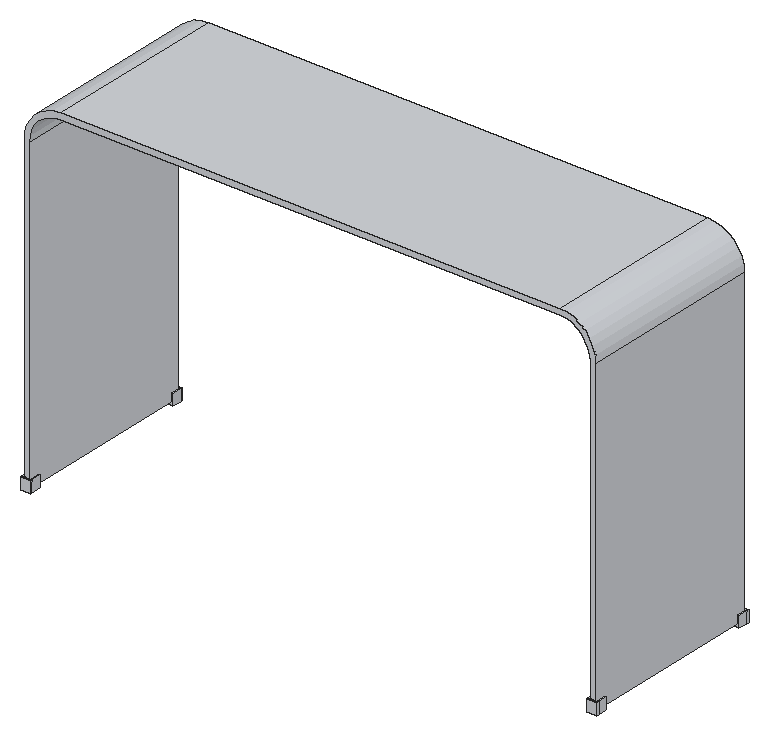
Revit family "APARADOR_TOKSTOK", category Furniture, Revit 2018
Family settings
  OmniClass Number = 23.40.20.00
  OmniClass Title = General Furniture and Specialties
  Work Plane-Based = No
  Always vertical = Yes
  Cut with Voids When Loaded = No
  Shared = No
  Room Calculation Point = No
Reference planes (cm)
  plane 1 "Centro (Frente/Trás)": y = 0
  plane 2: z = 0
  plane 3 "Centro (Esquerda/Direita)": x = 0
Forms (cm)
  Extrusion 1, solid
    sketch origin (0, 0, 0.5) x (1, 0, 0) y (0, 0, 1)
      loop
        line (-62.5, 0) -> (-61.3, 0) -> (-61.3, 68)
        arc (-61.3, 68) -> (-59.3083, 72.8083) -> (-54.5, 74.8) r 6.8
        line (-54.5, 74.8) -> (54.5, 74.8)
        arc (54.5, 74.8) -> (59.3083, 72.8083) -> (61.3, 68) r 6.8
        line (61.3, 68) -> (61.3, 0) -> (62.5, 0) -> (62.5, 68)
        arc (62.5, 68) -> (60.1569, 73.6569) -> (54.5, 76) r 8
        line (54.5, 76) -> (-54.5, 76)
        arc (-54.5, 76) -> (-60.1569, 73.6569) -> (-62.5, 68) r 8
        line (-62.5, 68) -> (-62.5, 0)
    from 20.25 to -20.25
  Extrusion 2, solid
    sketch origin (0, 0, 0.5) x (1, 0, 0) y (0, 0, 1)
      loop
        line (-62.5, 0) -> (-62.5, 2) -> (-63, 2) -> (-63, -0.5) -> (-60.8, -0.5) -> (-60.8, 2) -> (-61.3, 2) -> (-61.3, 0) -> (-62.5, 0)
      loop
        line (62.5, 0) -> (61.3, 0) -> (61.3, 2) -> (60.8, 2) -> (60.8, -0.5) -> (63, -0.5) -> (63, 2) -> (62.5, 2) -> (62.5, 0)
    from 18.25 to 20.25
  Extrusion 3, solid
    sketch origin (0, 0, 0.5) x (1, 0, 0) y (0, 0, -1)
      loop
        line (-62.5, 0) -> (-61.3, 0) -> (-61.3, -2) -> (-60.8, -2) -> (-60.8, 0.5) -> (-63, 0.5) -> (-63, -2) -> (-62.5, -2) -> (-62.5, 0)
      loop
        line (62.5, 0) -> (62.5, -2) -> (63, -2) -> (63, 0.5) -> (60.8, 0.5) -> (60.8, -2) -> (61.3, -2) -> (61.3, 0) -> (62.5, 0)
    from 18.25 to 20.25
  Extrusion 4, solid
    sketch origin (0, 0, 0) x (1, 0, 0) y (0, 0, 1)
      loop
        line (-63, 2.5) -> (-63, 0) -> (-60.8, 0) -> (-60.8, 2.5) -> (-63, 2.5)
      loop
        line (60.8, 2.5) -> (60.8, 0) -> (63, 0) -> (63, 2.5) -> (60.8, 2.5)
    from 20.25 to 20.75
  Extrusion 5, solid
    sketch origin (0, 0, 0) x (1, 0, 0) y (0, 0, -1)
      loop
        line (-63, -2.5) -> (-60.8, -2.5) -> (-60.8, 0) -> (-63, 0) -> (-63, -2.5)
      loop
        line (60.8, -2.5) -> (63, -2.5) -> (63, 0) -> (60.8, 0) -> (60.8, -2.5)
    from 20.25 to 20.75
Dimensions and locks (cm)
  aligned and locked: level to plane 2
